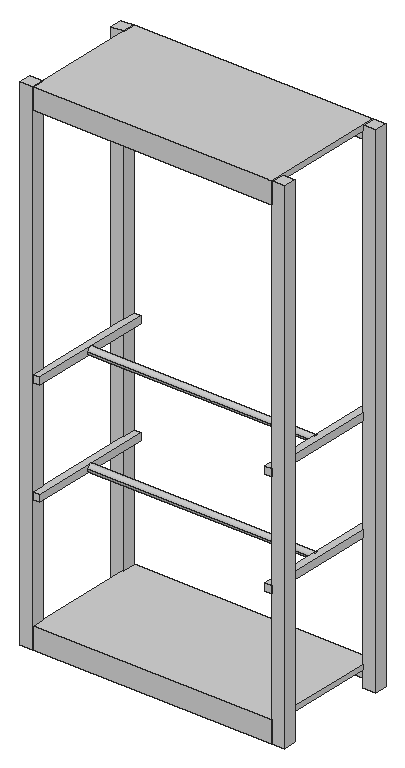
Revit family "WS46", category Specialty Equipment, Revit 2012
Parameters (values of type "Wide Span Starter (Default)")
  Width = 3' - 0"
  URL = "http://madixinc.com/store/widespan/core.html"
  Model = "Wide Span"
  Manufacturer = "© 2012 Madix, Inc. All rights reserved."
  Shelf Depth = 1' - 6"
  Height = 6' - 0"
Reference planes (in)
  plane 1 "Center (Front/Back)": y = 0
  plane 2: z = 0
  plane 3 "Center (Left/Right)": x = 0
  plane 4: x = -17.125
  plane 5: x = 17.125
  plane 6: y = 9
  plane 7: y = -9
  plane 8: z = 72
  plane 9: x = 18.875
  plane 10: x = -18.875
  plane 11: x = -18
  plane 12: x = 18
Forms (in)
  Extrusion 1, solid, material "Metal - Steel"
    sketch origin (-18, -16.25, 0) x (0, -1, 0) y (0, 0, -1)
      loop
        line (-25.25, 0) -> (-25.25, -3) -> (-7.25, -3) -> (-7.25, 0) -> (-7.375, 0) -> (-7.375, -2.375) -> (-25.125, -2.375) -> (-25.125, 0) -> (-25.25, 0)
    from 0.875 to 35.125
  Extrusion 2, solid, material "Metal - Steel"
    sketch origin (-18, -16.25, 129) x (0, -1, 0) y (0, 0, -1)
      loop
        line (-25.25, 60) -> (-25.25, 57) -> (-7.25, 57) -> (-7.25, 60) -> (-7.375, 60) -> (-7.375, 57.625) -> (-25.125, 57.625) -> (-25.125, 60) -> (-25.25, 60)
    from 0.875 to 35.125
  Extrusion 3, solid, material "Metal - Steel"
    sketch origin (0, 0, 0) x (1, 0, 0) y (0, 1, 0)
      loop
        line (-17.125, 9) -> (-18.875, 9) -> (-18.875, 7.25) -> (-17.125, 7.25) -> (-17.125, 9)
      loop
        line (17.125, 9) -> (17.125, 7.25) -> (18.875, 7.25) -> (18.875, 9) -> (17.125, 9)
      loop
        line (-17.125, -9) -> (-17.125, -7.25) -> (-18.875, -7.25) -> (-18.875, -9) -> (-17.125, -9)
      loop
        line (17.125, -9) -> (18.875, -9) -> (18.875, -7.25) -> (17.125, -7.25) -> (17.125, -9)
    from 0 to 72
  Extrusion 4, solid, material "Metal - Steel"
    sketch origin (0, 0, 0) x (1, 0, 0) y (0, 0, 1)
      loop
        line (-17.125, 20.18906) -> (-17.125, 19.18906) -> (-16.125, 19.18906) -> (-16.125, 20.18906) -> (-17.125, 20.18906)
      loop
        line (17.125, 20.18906) -> (16.125, 20.18906) -> (16.125, 19.18906) -> (17.125, 19.18906) -> (17.125, 20.18906)
      loop
        line (-17.125, 35.18906) -> (-17.125, 34.18906) -> (-16.125, 34.18906) -> (-16.125, 35.18906) -> (-17.125, 35.18906)
      loop
        line (17.125, 35.18906) -> (16.125, 35.18906) -> (16.125, 34.18906) -> (17.125, 34.18906) -> (17.125, 35.18906)
    from -9 to 9
  Extrusion 5, solid, material "Metal - Steel"
    sketch origin (0, 0, 0) x (0, 1, 0) y (0, 0, 1)
      loop
        circle (0, 19.68906) r 0.5
      loop
        circle (0, 34.68906) r 0.5
    from -16.125 to 16.125
Dimensions and locks (in)
  equal spacing: plane 7, plane 1 "Center (Front/Back)", plane 6
  "Shelf Depth": plane 7 to plane 6
  "Height": plane 8 to level
  plane 10 to plane 11 to plane 4 = 0' - 0 7/8" locked, 0' - 0 7/8" locked
  plane 5 to plane 12 to plane 9 = 0' - 0 7/8" locked, 0' - 0 7/8" locked
  equal spacing: plane 11, plane 3 "Center (Left/Right)", plane 12
  "Width": plane 11 to plane 12
  aligned and locked: level to plane 2
  aligned and locked: Extrusion 1 to plane 4
  aligned and locked: Extrusion 1 to plane 5
  aligned and locked: plane 6 to Extrusion 1
  aligned and locked: plane 7 to Extrusion 1
  aligned and locked: Extrusion 1 to level
  aligned and locked: Extrusion 1 to plane 2
  aligned and locked: Extrusion 2 to plane 5
  aligned and locked: Extrusion 2 to plane 4
  aligned and locked: plane 7 to Extrusion 2
  aligned and locked: Extrusion 2 to plane 6
  aligned and locked: Extrusion 1 to Extrusion 3  (x2)
  aligned and locked: plane 4 to Extrusion 3  (x2)
  aligned and locked: plane 5 to Extrusion 3  (x2)
  aligned and locked: Extrusion 3 to Extrusion 1  (x2)
  aligned and locked: plane 8 to Extrusion 3
  aligned and locked: plane 9 to Extrusion 3
  aligned and locked: plane 10 to Extrusion 3
  aligned and locked: Extrusion 3 to Extrusion 2
  aligned and locked: Extrusion 4 to Extrusion 1  (x2)
  aligned and locked: Extrusion 5 to Extrusion 4  (x2)
Automatic sketch dimensions
  Extrusion 1 sketch curve to level = 0' - 0"  (x2)
  Extrusion 1 sketch curve to plane 6 = 0' - 0"
  Extrusion 1 sketch curve to plane 7 = 0' - 0"
  plane 6 to Extrusion 1 sketch curve = 0' - 0 1/8"
  Extrusion 1 sketch curve to plane 7 = 0' - 0 1/8"
  level to Extrusion 1 sketch curve = 0' - 2 3/8"
  Extrusion 1 sketch curve to Extrusion 1 sketch curve = 0' - 0 5/8"
  Extrusion 2 sketch curve to plane 6 = 0' - 0"
  Extrusion 2 sketch curve to plane 7 = 0' - 0"
  plane 6 to Extrusion 2 sketch curve = 0' - 0 1/8"
  Extrusion 2 sketch curve to plane 7 = 0' - 0 1/8"
  level to Extrusion 2 sketch curve = 6' - 0"
  Extrusion 2 sketch curve to Extrusion 2 sketch curve = 0' - 0 5/8"
  Extrusion 2 sketch curve to Extrusion 2 sketch curve = 0' - 2 3/8"  (x2)
  plane 7 to Extrusion 3 sketch curve = 0' - 0"  (x2)
  plane 6 to Extrusion 3 sketch curve = 0' - 0"  (x2)
  Extrusion 3 sketch curve to plane 4 = 0' - 0"  (x2)
  Extrusion 3 sketch curve to plane 5 = 0' - 0"  (x2)
  Extrusion 3 sketch curve to plane 4 = 0' - 1 3/4"
  Extrusion 3 sketch curve to Extrusion 3 sketch curve = 0' - 1 3/4"  (x2)
  Extrusion 3 sketch curve to plane 5 = 0' - 1 3/4"
  Extrusion 3 sketch curve to plane 7 = 0' - 1 3/4"  (x2)
  plane 6 to Extrusion 3 sketch curve = 0' - 1 3/4"  (x2)
  Extrusion 4 sketch curve to plane 4 = 0' - 0"  (x2)
  plane 5 to Extrusion 4 sketch curve = 0' - 0"  (x2)
  plane 4 to Extrusion 4 sketch curve = 0' - 1"  (x2)
  plane 5 to Extrusion 4 sketch curve = 0' - 1"  (x2)
  level to Extrusion 4 sketch curve = 1' - 7.18906"  (x2)
  Extrusion 4 sketch curve to Extrusion 4 sketch curve = 0' - 1"  (x4)
  Extrusion 4 sketch curve to Extrusion 4 sketch curve = 1' - 2"  (x2)
  Extrusion 5 sketch curve to plane 1 "Center (Front/Back)" = 0' - 0"  (x2)
  level to Extrusion 5 sketch curve = 1' - 7.68906"
  Extrusion 5 sketch curve to Extrusion 5 sketch curve = 1' - 3"
  radius of Extrusion 5 sketch curve = 0' - 0 1/2"  (x2)
